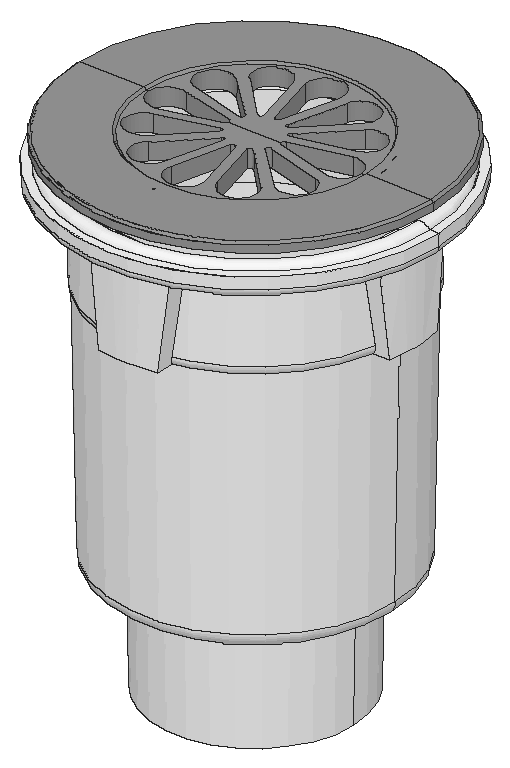
Revit family "0126.03 LRP FC EC BE50", category Plumbing Fixtures, Revit 2016
Family settings
  Part Type = Normal
  Round Connector Dimension = Use Diameter
  OmniClass Number = 23.31.27.00
  OmniClass Title = Floor Drains
  Work Plane-Based = No
  Always vertical = Yes
  Cut with Voids When Loaded = No
  Shared = No
  Room Calculation Point = No
Parameters (values of type "0126.03")
  Waste Connection = yes
  Vent Connection = no
  URL = "www.aquaknight.co.nz"
  Phone = "+6498322214"  # constant formula
  Model = "LRP FC EC BE50 – 0126.03"
  Manufacturer = "Aquanight Industries Ltd"  # constant formula
  HW Connection = no
  Email = "info@aquaknight.co.nz"  # constant formula
  Description = "DWV50 Wastetrap with chrome flat lid"
  CW Connection = no
Reference planes
  plane 1 "Center (Front/Back)": y = 0
  plane 2: z = 0
  plane 3 "Center (Left/Right)": x = 0
  plane 4: x = -12.666
  plane 5: x = -8.658
  plane 6: z = -130.344
Forms (mm)
  Revolve 1, solid, material "Plastic, Glossy White"
    sketch origin (0, 0, 0) x (1, 0, 0) y (0, 0, 1)
      loop
        line (-40.88, -107.194) -> (-42.255, -28.405) -> (-40.35, -28.405) -> (-39.919, -2.405) -> (-41.45, -2.405) -> (-41.45, 6.595) -> (-52.279, 6.595) -> (-52.279, 4.395) -> (-50.75, 3.513) -> (-46.125, 3.095)
        arc (-46.125, 3.095) -> (-44.504, 2.292) -> (-43.85, 0.606) r 2.5
        line (-43.85, 0.606) -> (-43.85, -3.399) -> (-49.924, -3.399)
        arc (-49.924, -3.399) -> (-51.565, 1.366) -> (-53.206, -3.399) r 2.665
        line (-53.206, -3.399) -> (-54.441, -3.399) -> (-54.5, 0) -> (-57, 0) -> (-56.936, -3.693)
        arc (-56.936, -3.693) -> (-56.187, -5.433) -> (-54.434, -6.149) r 2.5
        line (-54.434, -6.149) -> (-45.017, -6.149)
        spline (-45.017, -6.149) -> (-45.069, -8.251) -> (-45.119, -10.355) -> (-45.168, -12.461) -> (-45.216, -14.57) -> (-45.262, -16.68) -> (-45.306, -18.793) -> (-45.349, -20.908) -> (-45.391, -23.025) -> (-45.431, -25.143) -> (-45.469, -27.264) -> (-45.506, -29.386) -> (-45.542, -31.51)
        arc (-45.542, -31.51) -> (-45.324, -32.787) -> (-44.659, -33.899) r 3.52
        line (-44.659, -33.899) -> (-43.379, -107.231)
        arc (-43.379, -107.231) -> (-42.425, -109.923) -> (-40.043, -111.499) r 4.5
        line (-40.043, -111.499) -> (-31.158, -113.88) -> (-30.6, -145.844) -> (-28.1, -145.844) -> (-27.75, -114.844) -> (-25.06, -114.844)
        arc (-25.06, -114.844) -> (-25.576, -113.323) -> (-26.91, -112.43) r 2.5
        line (-26.91, -112.43) -> (-39.405, -109.082)
        arc (-39.405, -109.082) -> (-40.458, -108.385) -> (-40.88, -107.194) r 1.99
      axis (0, 6.595) -> (0, -145.844)
    angle from 0 to 360
  Revolve 2, solid, material "Steel, Chrome Plated"
    sketch origin (0, 0, 0) x (1, 0, 0) y (0, 0, 1)
      loop
        line (-34, 7.988) -> (-34.6, 8.588) -> (-54.5, 8.588) -> (-55.25, 7.838) -> (-55.25, 5.588) -> (-46.4, 5.588) -> (-36.005, 6.681)
        arc (-36.005, 6.681) -> (-35.231, 6.43) -> (-34.9, 5.687) r 1
        line (-34.9, 5.687) -> (-34.9, 2.713) -> (-5.25, 2.713) -> (-5.25, 5.488) -> (0, 5.488) -> (0, 7.988) -> (-34, 7.988)
      axis (0, 8.588) -> (0, 2.713)
    angle from 0 to 360
  SweptBlend 3, solid, material "Plastic, Glossy White", detail levels fine
    path origin (0, 0, 0) x (1, 0, 0) y (0, 0, 1)
      loop
        line (0, -6.149) -> (0, -33.899)
    profile origin (0, 0, -6.149) x (0, -1, 0) y (1, 0, 0)
      loop
        arc (48.308, -12.6) -> (49.924, 0) -> (48.308, 12.6) r 49.924
        line (48.308, 12.6) -> (43.218, 12.6)
        arc (43.218, 12.6) -> (45.017, 0) -> (43.218, -12.6) r 45.017
        line (43.218, -12.6) -> (48.308, -12.6)
    end profile origin (0, 0, -33.899) x (0, -1, 0) y (1, 0, 0)
      loop
        arc (49.088, -9.1) -> (49.924, 0) -> (49.088, 9.1) r 49.924
        line (49.088, 9.1) -> (44.088, 9.1)
        arc (44.088, 9.1) -> (45.017, 0) -> (44.088, -9.1) r 45.017
        line (44.088, -9.1) -> (49.088, -9.1)
  SweptBlend 4, solid, material "Plastic, Glossy White", detail levels fine
    path origin (0, 0, 0) x (0, -1, 0) y (0, 0, 1)
      loop
        line (0, -6.149) -> (0, -33.899)
    profile origin (0, 0, -6.149) x (-1, 0, 0) y (0, -1, 0)
      loop
        arc (48.308, -12.6) -> (49.924, 0) -> (48.308, 12.6) r 49.924
        line (48.308, 12.6) -> (43.218, 12.6)
        arc (43.218, 12.6) -> (45.017, 0) -> (43.218, -12.6) r 45.017
        line (43.218, -12.6) -> (48.308, -12.6)
    end profile origin (0, 0, -33.899) x (-1, 0, 0) y (0, -1, 0)
      loop
        arc (49.088, -9.1) -> (49.924, 0) -> (49.088, 9.1) r 49.924
        line (49.088, 9.1) -> (44.088, 9.1)
        arc (44.088, 9.1) -> (45.017, 0) -> (44.088, -9.1) r 45.017
        line (44.088, -9.1) -> (49.088, -9.1)
  SweptBlend 5, solid, material "Plastic, Glossy White", detail levels fine
    path origin (0, 0, 0) x (-1, 0, 0) y (0, 0, 1)
      loop
        line (0, -6.149) -> (0, -33.899)
    profile origin (0, 0, -6.149) x (0, 1, 0) y (-1, 0, 0)
      loop
        arc (48.308, -12.6) -> (49.924, 0) -> (48.308, 12.6) r 49.924
        line (48.308, 12.6) -> (43.218, 12.6)
        arc (43.218, 12.6) -> (45.017, 0) -> (43.218, -12.6) r 45.017
        line (43.218, -12.6) -> (48.308, -12.6)
    end profile origin (0, 0, -33.899) x (0, 1, 0) y (-1, 0, 0)
      loop
        arc (49.088, -9.1) -> (49.924, 0) -> (49.088, 9.1) r 49.924
        line (49.088, 9.1) -> (44.088, 9.1)
        arc (44.088, 9.1) -> (45.017, 0) -> (44.088, -9.1) r 45.017
        line (44.088, -9.1) -> (49.088, -9.1)
  SweptBlend 6, solid, material "Plastic, Glossy White", detail levels fine
    path origin (0, 0, 0) x (0, 1, 0) y (0, 0, 1)
      loop
        line (0, -6.149) -> (0, -33.899)
    profile origin (0, 0, -6.149) x (1, 0, 0) y (0, 1, 0)
      loop
        arc (48.308, -12.6) -> (49.924, 0) -> (48.308, 12.6) r 49.924
        line (48.308, 12.6) -> (43.218, 12.6)
        arc (43.218, 12.6) -> (45.017, 0) -> (43.218, -12.6) r 45.017
        line (43.218, -12.6) -> (48.308, -12.6)
    end profile origin (0, 0, -33.899) x (1, 0, 0) y (0, 1, 0)
      loop
        arc (49.088, -9.1) -> (49.924, 0) -> (49.088, 9.1) r 49.924
        line (49.088, 9.1) -> (44.088, 9.1)
        arc (44.088, 9.1) -> (45.017, 0) -> (44.088, -9.1) r 45.017
        line (44.088, -9.1) -> (49.088, -9.1)
  Extrusion 7, void
    sketch origin (0, 0, 4) x (0, 1, 0) y (-1, 0, 0)
      loop
        arc (25.89, -5.396) -> (32.897, 0) -> (25.89, 5.396) r 5.581
        line (25.89, 5.396) -> (8.717, 0.856)
        arc (8.717, 0.856) -> (8.058, 0) -> (8.717, -0.856) r 0.886
        line (8.717, -0.856) -> (25.89, -5.396)
      loop
        arc (25.115, 8.283) -> (28.482, 16.461) -> (19.715, 17.627) r 5.581
        line (19.715, 17.627) -> (7.119, 5.104)
        arc (7.119, 5.104) -> (6.977, 4.032) -> (7.976, 3.621) r 0.886
        line (7.976, 3.621) -> (25.115, 8.283)
      loop
        arc (17.585, 19.753) -> (16.401, 28.518) -> (8.229, 25.133) r 5.581
        line (8.229, 25.133) -> (3.604, 7.984)
        arc (3.604, 7.984) -> (4.017, 6.985) -> (5.088, 7.13) r 0.886
        line (5.088, 7.13) -> (17.585, 19.753)
      loop
        arc (5.341, 25.901) -> (-0.07, 32.897) -> (-5.451, 25.878) r 5.581
        line (-5.451, 25.878) -> (-0.875, 8.715)
        arc (-0.875, 8.715) -> (-0.017, 8.058) -> (0.838, 8.719) r 0.886
        line (0.838, 8.719) -> (5.341, 25.901)
      loop
        line (-25.89, -5.396) -> (-8.717, -0.856)
        arc (-8.717, -0.856) -> (-8.058, 0) -> (-8.717, 0.856) r 0.886
        line (-8.717, 0.856) -> (-25.89, 5.396)
        arc (-25.89, 5.396) -> (-32.897, 0) -> (-25.89, -5.396) r 5.581
      loop
        line (-25.115, 8.283) -> (-7.976, 3.621)
        arc (-7.976, 3.621) -> (-6.977, 4.032) -> (-7.119, 5.104) r 0.886
        line (-7.119, 5.104) -> (-19.715, 17.627)
        arc (-19.715, 17.627) -> (-28.482, 16.461) -> (-25.115, 8.283) r 5.581
      loop
        line (-17.585, 19.753) -> (-5.088, 7.13)
        arc (-5.088, 7.13) -> (-4.017, 6.985) -> (-3.604, 7.984) r 0.886
        line (-3.604, 7.984) -> (-8.229, 25.133)
        arc (-8.229, 25.133) -> (-16.401, 28.518) -> (-17.585, 19.753) r 5.581
      loop
        line (25.115, -8.283) -> (7.976, -3.621)
        arc (7.976, -3.621) -> (6.977, -4.032) -> (7.119, -5.104) r 0.886
        line (7.119, -5.104) -> (19.715, -17.627)
        arc (19.715, -17.627) -> (28.482, -16.461) -> (25.115, -8.283) r 5.581
      loop
        line (17.585, -19.753) -> (5.088, -7.13)
        arc (5.088, -7.13) -> (4.017, -6.985) -> (3.604, -7.984) r 0.886
        line (3.604, -7.984) -> (8.229, -25.133)
        arc (8.229, -25.133) -> (16.401, -28.518) -> (17.585, -19.753) r 5.581
      loop
        line (5.341, -25.901) -> (0.838, -8.719)
        arc (0.838, -8.719) -> (-0.017, -8.058) -> (-0.875, -8.715) r 0.886
        line (-0.875, -8.715) -> (-5.451, -25.878)
        arc (-5.451, -25.878) -> (-0.07, -32.897) -> (5.341, -25.901) r 5.581
      loop
        arc (-25.115, -8.283) -> (-28.482, -16.461) -> (-19.715, -17.627) r 5.581
        line (-19.715, -17.627) -> (-7.119, -5.104)
        arc (-7.119, -5.104) -> (-6.977, -4.032) -> (-7.976, -3.621) r 0.886
        line (-7.976, -3.621) -> (-25.115, -8.283)
      loop
        arc (-17.585, -19.753) -> (-16.401, -28.518) -> (-8.229, -25.133) r 5.581
        line (-8.229, -25.133) -> (-3.604, -7.984)
        arc (-3.604, -7.984) -> (-4.017, -6.985) -> (-5.088, -7.13) r 0.886
        line (-5.088, -7.13) -> (-17.585, -19.753)
    from -7.399 to 18.251
Cuts and joins
  Extrusion 7 cuts Revolve 2
Lines and regions (mm)
  model lines, detail levels fine
    curve 1: circle (0, 0, 7.988) r 5.25 normal (0, 0, 1)
Dimensions and locks
  locked: plane 6 to Revolve 1 at 15.5
  locked: connector elem to plane 3 "Center (Left/Right)" at 0
  locked: connector elem to plane 1 "Center (Front/Back)"
  aligned and locked: level to plane 2
  aligned and locked: Revolve 1 sketch curve to plane 3 "Center (Left/Right)"
  aligned and locked: Revolve 2 sketch curve to plane 3 "Center (Left/Right)"
Connectors
  piping at (0, 0, -130.344), diameter 50
    settings: on plane 6, index 1, connector inside diameter 609.6 mm, connector length 0 mm, flow factor 0, pipe flow 0.0 L/s, pressure drop 0.0 Pa, fitting loss kfactor 0, connector angle 0.00°, fixture units 0, engagement length 0 mm, angle of deflection 0.00°, flow configuration 0, flow direction 0, fitting loss method 0, system type 28, joint type 0, gender type 0, connector reference index -1, connector utility 0, adjustable connector no, is connector primary yes, connector description ""
